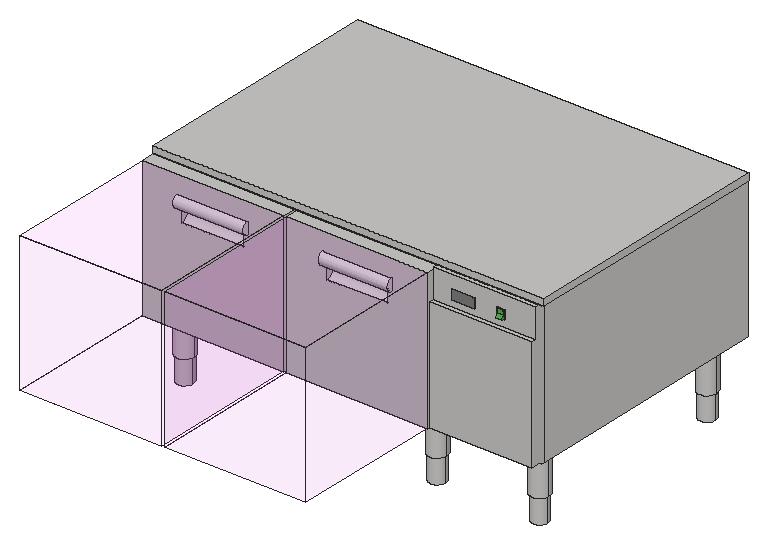
Revit family "QF_ZANUSSI_392602_Z9TTAECOMIN", category Specialty Equipment, Revit 2021 (continued)
Automatic sketch dimensions
  Split face 13 sketch curve to Extrusion 2 = 35 mm
  Split face 13 sketch curve to Split face 13 sketch curve = 4 mm
  Split face 14 sketch curve to Extrusion 2 = 30.5 mm
  Split face 14 sketch curve to Split face 14 sketch curve = 0.02 mm  (x2)
  Split face 14 sketch curve to Split face 14 sketch curve = 31.959 mm
  Split face 14 sketch curve to Extrusion 2 = 23 mm
  Split face 14 sketch curve to Split face 14 sketch curve = 4 mm
  Split face 15 sketch curve to Extrusion 2 = 30.5 mm
  Split face 15 sketch curve to Split face 15 sketch curve = 0.02 mm  (x2)
  Split face 15 sketch curve to Split face 15 sketch curve = 31.959 mm
  Split face 15 sketch curve to Extrusion 2 = 130.896 mm
  Split face 15 sketch curve to Split face 15 sketch curve = 4 mm
  Extrusion 8 sketch curve to plane 7 "FRONT" = 0 mm  (x3)
  Extrusion 8 sketch curve to plane 14 "TOP" = 90.566 mm
  Extrusion 8 sketch curve to Extrusion 8 sketch curve = 8.275 mm
  Extrusion 9 sketch curve to plane 7 "FRONT" = 0 mm
  Extrusion 9 sketch curve to plane 7 "FRONT" = 2.777 mm
  plane 7 "FRONT" to Extrusion 9 sketch curve = 21.853 mm
  Extrusion 9 sketch curve to plane 11 = 4.5 mm
  Extrusion 9 sketch curve to plane 14 "TOP" = 128.294 mm
  Extrusion 9 sketch curve to Extrusion 9 sketch curve = 18.821 mm
  Extrusion 10 sketch curve to plane 7 "FRONT" = 0 mm  (x3)
  Extrusion 10 sketch curve to plane 14 "TOP" = 90.566 mm
  Extrusion 10 sketch curve to Extrusion 10 sketch curve = 8.275 mm
  Extrusion 11 sketch curve to plane 7 "FRONT" = 0 mm
  Extrusion 11 sketch curve to plane 7 "FRONT" = 2.777 mm
  plane 7 "FRONT" to Extrusion 11 sketch curve = 21.853 mm
  Extrusion 11 sketch curve to plane 11 = 4.5 mm
  Extrusion 11 sketch curve to plane 14 "TOP" = 128.294 mm
  Extrusion 11 sketch curve to Extrusion 11 sketch curve = 18.821 mm
  plane 13 to Extrusion 12 sketch curve = 1.587 mm  (x2)
  Extrusion 12 sketch curve to plane 3 "Centro (Sinistra/Destra)" = 160.999 mm
  Extrusion 12 sketch curve to plane 14 "TOP" = 0.8 mm  (x2)
  Extrusion 12 sketch curve to Extrusion 12 sketch curve = 7.999 mm
  plane 12 to Extrusion 12 sketch curve = 51 mm
  Extrusion 13 sketch curve to plane 14 "TOP" = 0.8 mm  (x2)
  plane 12 to Extrusion 13 sketch curve = 51 mm
  Extrusion 13 sketch curve to plane 12 = 72.699 mm
  Extrusion 13 sketch curve to plane 3 "Centro (Sinistra/Destra)" = 29.3 mm
  plane 13 to Extrusion 13 sketch curve = 1.587 mm  (x2)
  Extrusion 13 sketch curve to plane 3 "Centro (Sinistra/Destra)" = 153 mm
  Extrusion 13 sketch curve to Extrusion 13 sketch curve = 7.999 mm
  Extrusion 13 sketch curve to Extrusion 13 sketch curve = 123.7 mm
  plane 9 to Extrusion 13 sketch curve = 68.7 mm
  Extrusion 13 sketch curve to plane 14 "TOP" = 128.294 mm  (x2)
  Extrusion 13 sketch curve to Extrusion 13 sketch curve = 43.294 mm  (x2)
  Split face 16 sketch curve to Extrusion 2 = 30.5 mm
  Split face 16 sketch curve to Split face 16 sketch curve = 0.02 mm  (x2)
  Split face 16 sketch curve to Split face 16 sketch curve = 31.959 mm
  Split face 16 sketch curve to Extrusion 2 = 118.208 mm
  Split face 16 sketch curve to Split face 16 sketch curve = 4 mm
  Split face 17 sketch curve to Extrusion 2 = 30.5 mm
  Split face 17 sketch curve to Split face 17 sketch curve = 0.02 mm  (x2)
  Split face 17 sketch curve to Split face 17 sketch curve = 31.959 mm
  Split face 17 sketch curve to Extrusion 2 = 130.208 mm
  Split face 17 sketch curve to Split face 17 sketch curve = 4 mm
  Split face 18 sketch curve to Extrusion 2 = 30.5 mm
  Split face 18 sketch curve to Split face 18 sketch curve = 0.02 mm  (x2)
  Split face 18 sketch curve to Split face 18 sketch curve = 31.959 mm
  Split face 18 sketch curve to Extrusion 2 = 142.208 mm
  Split face 18 sketch curve to Split face 18 sketch curve = 4 mm
  Split face 19 sketch curve to Extrusion 2 = 30.5 mm
  Split face 19 sketch curve to Split face 19 sketch curve = 0.02 mm  (x2)
  Split face 19 sketch curve to Split face 19 sketch curve = 31.959 mm
  Split face 19 sketch curve to Extrusion 2 = 154.896 mm
  Split face 19 sketch curve to Split face 19 sketch curve = 4 mm
  Split face 20 sketch curve to Extrusion 2 = 30.5 mm
  Split face 20 sketch curve to Split face 20 sketch curve = 0.02 mm  (x2)
  Split face 20 sketch curve to Split face 20 sketch curve = 31.959 mm
  Split face 20 sketch curve to Extrusion 2 = 142.896 mm
  Split face 20 sketch curve to Split face 20 sketch curve = 4 mm
  Split face 21 sketch curve to Extrusion 2 = 30.5 mm
  Split face 21 sketch curve to Split face 21 sketch curve = 0.02 mm  (x2)
  Split face 21 sketch curve to Split face 21 sketch curve = 31.959 mm
  Split face 21 sketch curve to Extrusion 2 = 106.208 mm
  Split face 21 sketch curve to Split face 21 sketch curve = 4 mm
  Split face 22 sketch curve to Extrusion 2 = 30.5 mm
  Split face 22 sketch curve to Split face 22 sketch curve = 0.02 mm  (x2)
  Split face 22 sketch curve to Extrusion 2 = 10.312 mm
  Split face 22 sketch curve to Split face 22 sketch curve = 31.959 mm
  Split face 22 sketch curve to Split face 22 sketch curve = 4 mm
  Split face 23 sketch curve to Extrusion 2 = 30.5 mm
  Split face 23 sketch curve to Split face 23 sketch curve = 0.02 mm  (x2)
  Split face 23 sketch curve to Split face 23 sketch curve = 31.959 mm
  Split face 23 sketch curve to Extrusion 2 = 22.312 mm
  Split face 23 sketch curve to Split face 23 sketch curve = 4 mm
  Split face 24 sketch curve to Extrusion 2 = 30.5 mm
  Split face 24 sketch curve to Split face 24 sketch curve = 0.02 mm  (x2)
  Split face 24 sketch curve to Split face 24 sketch curve = 31.959 mm
  Split face 24 sketch curve to Extrusion 2 = 34.312 mm
  Split face 24 sketch curve to Split face 24 sketch curve = 4 mm
  Split face 25 sketch curve to Extrusion 2 = 30.5 mm
  Split face 25 sketch curve to Split face 25 sketch curve = 0.02 mm  (x2)
  Split face 25 sketch curve to Split face 25 sketch curve = 31.959 mm
  Split face 25 sketch curve to Extrusion 2 = 46.209 mm
  Split face 25 sketch curve to Split face 25 sketch curve = 4 mm
  Split face 26 sketch curve to Extrusion 2 = 30.5 mm
  Split face 26 sketch curve to Split face 26 sketch curve = 0.02 mm  (x2)
  Split face 26 sketch curve to Split face 26 sketch curve = 31.959 mm
  Split face 26 sketch curve to Extrusion 2 = 58.208 mm
  Split face 26 sketch curve to Split face 26 sketch curve = 4 mm
  Split face 27 sketch curve to Extrusion 2 = 30.5 mm
  Split face 27 sketch curve to Split face 27 sketch curve = 0.02 mm  (x2)
  Split face 27 sketch curve to Split face 27 sketch curve = 31.959 mm
  Split face 27 sketch curve to Extrusion 2 = 70.208 mm
  Split face 27 sketch curve to Split face 27 sketch curve = 4 mm
  Split face 28 sketch curve to Extrusion 2 = 30.5 mm
  Split face 28 sketch curve to Split face 28 sketch curve = 0.02 mm  (x2)
  Split face 28 sketch curve to Split face 28 sketch curve = 31.959 mm
  Split face 28 sketch curve to Extrusion 2 = 82.208 mm
  Split face 28 sketch curve to Split face 28 sketch curve = 4 mm
  Split face 29 sketch curve to Extrusion 2 = 30.5 mm
  Split face 29 sketch curve to Split face 29 sketch curve = 0.02 mm  (x2)
  Split face 29 sketch curve to Split face 29 sketch curve = 31.959 mm
  Split face 29 sketch curve to Extrusion 2 = 94.208 mm
  Split face 29 sketch curve to Split face 29 sketch curve = 4 mm
  Split face 30 sketch curve to Extrusion 2 = 85.5 mm
  Split face 30 sketch curve to Split face 30 sketch curve = 0.02 mm  (x2)
  Split face 30 sketch curve to Split face 30 sketch curve = 31.959 mm
  Split face 30 sketch curve to Extrusion 2 = 118.896 mm
  Split face 30 sketch curve to Split face 30 sketch curve = 4 mm
  Split face 31 sketch curve to Extrusion 2 = 85.5 mm
  Split face 31 sketch curve to Split face 31 sketch curve = 0.02 mm  (x2)
  Split face 31 sketch curve to Split face 31 sketch curve = 31.959 mm
  Split face 31 sketch curve to Extrusion 2 = 106.896 mm
  Split face 31 sketch curve to Split face 31 sketch curve = 4 mm
  Split face 32 sketch curve to Extrusion 2 = 85.5 mm
  Split face 32 sketch curve to Split face 32 sketch curve = 0.02 mm  (x2)
  Split face 32 sketch curve to Split face 32 sketch curve = 31.959 mm
  Split face 32 sketch curve to Extrusion 2 = 94.897 mm
  Split face 32 sketch curve to Split face 32 sketch curve = 4 mm
  Split face 33 sketch curve to Extrusion 2 = 85.5 mm
  Split face 33 sketch curve to Split face 33 sketch curve = 0.02 mm  (x2)
  Split face 33 sketch curve to Split face 33 sketch curve = 31.959 mm
  Split face 33 sketch curve to Extrusion 2 = 82.999 mm
  Split face 33 sketch curve to Split face 33 sketch curve = 4 mm
  Split face 34 sketch curve to Extrusion 2 = 85.5 mm
  Split face 34 sketch curve to Split face 34 sketch curve = 0.02 mm  (x2)
  Split face 34 sketch curve to Split face 34 sketch curve = 31.959 mm
  Split face 34 sketch curve to Extrusion 2 = 71 mm
  Split face 34 sketch curve to Split face 34 sketch curve = 4 mm
  Split face 35 sketch curve to Extrusion 2 = 85.5 mm
  Split face 35 sketch curve to Split face 35 sketch curve = 0.02 mm  (x2)
  Split face 35 sketch curve to Split face 35 sketch curve = 31.959 mm
  Split face 35 sketch curve to Extrusion 2 = 59 mm
  Split face 35 sketch curve to Split face 35 sketch curve = 4 mm
  Split face 36 sketch curve to Extrusion 2 = 85.5 mm
  Split face 36 sketch curve to Split face 36 sketch curve = 0.02 mm  (x2)
  Split face 36 sketch curve to Split face 36 sketch curve = 31.959 mm
  Split face 36 sketch curve to Extrusion 2 = 47 mm
  Split face 36 sketch curve to Split face 36 sketch curve = 4 mm
  Split face 37 sketch curve to Extrusion 2 = 31 mm
  Split face 37 sketch curve to Extrusion 2 = 85.5 mm
  Split face 37 sketch curve to Split face 37 sketch curve = 0.02 mm  (x2)
  Split face 37 sketch curve to Split face 37 sketch curve = 31.959 mm
  Split face 37 sketch curve to Split face 37 sketch curve = 4 mm
  Split face 38 sketch curve to Extrusion 2 = 19 mm
  Split face 38 sketch curve to Extrusion 2 = 85.5 mm
  Split face 38 sketch curve to Split face 38 sketch curve = 0.02 mm  (x2)
  Split face 38 sketch curve to Split face 38 sketch curve = 31.959 mm
  Split face 38 sketch curve to Split face 38 sketch curve = 4 mm
  Split face 39 sketch curve to Extrusion 2 = 85.5 mm
  Split face 39 sketch curve to Split face 39 sketch curve = 0.02 mm  (x2)
  Split face 39 sketch curve to Split face 39 sketch curve = 31.959 mm
  Split face 39 sketch curve to Extrusion 2 = 130.896 mm
  Split face 39 sketch curve to Split face 39 sketch curve = 4 mm
  Split face 40 sketch curve to Extrusion 2 = 85.5 mm
  Split face 40 sketch curve to Split face 40 sketch curve = 0.02 mm  (x2)
  Split face 40 sketch curve to Split face 40 sketch curve = 31.959 mm
  Split face 40 sketch curve to Extrusion 2 = 118.208 mm
  Split face 40 sketch curve to Split face 40 sketch curve = 4 mm
  Split face 41 sketch curve to Extrusion 2 = 85.5 mm
  Split face 41 sketch curve to Split face 41 sketch curve = 0.02 mm  (x2)
  Split face 41 sketch curve to Split face 41 sketch curve = 31.959 mm
  Split face 41 sketch curve to Extrusion 2 = 130.208 mm
  Split face 41 sketch curve to Split face 41 sketch curve = 4 mm
  Split face 42 sketch curve to Extrusion 2 = 85.5 mm
  Split face 42 sketch curve to Split face 42 sketch curve = 0.02 mm  (x2)
  Split face 42 sketch curve to Split face 42 sketch curve = 31.959 mm
  Split face 42 sketch curve to Extrusion 2 = 142.208 mm
  Split face 42 sketch curve to Split face 42 sketch curve = 4 mm
  Split face 43 sketch curve to Extrusion 2 = 85.5 mm
  Split face 43 sketch curve to Split face 43 sketch curve = 0.02 mm  (x2)
  Split face 43 sketch curve to Split face 43 sketch curve = 31.959 mm
  Split face 43 sketch curve to Extrusion 2 = 154.896 mm
  Split face 43 sketch curve to Split face 43 sketch curve = 4 mm
  Split face 44 sketch curve to Extrusion 2 = 85.5 mm
  Split face 44 sketch curve to Split face 44 sketch curve = 0.02 mm  (x2)
  Split face 44 sketch curve to Split face 44 sketch curve = 31.959 mm
  Split face 44 sketch curve to Extrusion 2 = 142.896 mm
  Split face 44 sketch curve to Split face 44 sketch curve = 4 mm
  Split face 45 sketch curve to Extrusion 2 = 85.5 mm
  Split face 45 sketch curve to Split face 45 sketch curve = 0.02 mm  (x2)
  Split face 45 sketch curve to Split face 45 sketch curve = 31.959 mm
  Split face 45 sketch curve to Extrusion 2 = 106.208 mm
  Split face 45 sketch curve to Split face 45 sketch curve = 4 mm
  Split face 46 sketch curve to Extrusion 2 = 14.312 mm
  Split face 46 sketch curve to Extrusion 2 = 85.5 mm
  Split face 46 sketch curve to Split face 46 sketch curve = 0.02 mm  (x2)
  Split face 46 sketch curve to Extrusion 2 = 10.312 mm
  Split face 46 sketch curve to Split face 46 sketch curve = 31.959 mm
  Split face 47 sketch curve to Extrusion 2 = 26.312 mm
  Split face 47 sketch curve to Extrusion 2 = 85.5 mm
  Split face 47 sketch curve to Split face 47 sketch curve = 0.02 mm  (x2)
  Split face 47 sketch curve to Split face 47 sketch curve = 31.959 mm
  Split face 47 sketch curve to Split face 47 sketch curve = 4 mm
  Split face 48 sketch curve to Extrusion 2 = 85.5 mm
  Split face 48 sketch curve to Split face 48 sketch curve = 0.02 mm  (x2)
  Split face 48 sketch curve to Split face 48 sketch curve = 31.959 mm
  Split face 48 sketch curve to Extrusion 2 = 34.312 mm
  Split face 48 sketch curve to Split face 48 sketch curve = 4 mm
  Split face 49 sketch curve to Extrusion 2 = 85.5 mm
  Split face 49 sketch curve to Split face 49 sketch curve = 0.02 mm  (x2)
  Split face 49 sketch curve to Split face 49 sketch curve = 31.959 mm
  Split face 49 sketch curve to Extrusion 2 = 46.209 mm
  Split face 49 sketch curve to Split face 49 sketch curve = 4 mm
  Split face 50 sketch curve to Extrusion 2 = 85.5 mm
  Split face 50 sketch curve to Split face 50 sketch curve = 0.02 mm  (x2)
  Split face 50 sketch curve to Split face 50 sketch curve = 31.959 mm
  Split face 50 sketch curve to Extrusion 2 = 58.208 mm
  Split face 50 sketch curve to Split face 50 sketch curve = 4 mm
  Split face 51 sketch curve to Extrusion 2 = 85.5 mm
  Split face 51 sketch curve to Split face 51 sketch curve = 0.02 mm  (x2)
  Split face 51 sketch curve to Split face 51 sketch curve = 31.959 mm
  Split face 51 sketch curve to Extrusion 2 = 70.208 mm
  Split face 51 sketch curve to Split face 51 sketch curve = 4 mm
  Split face 52 sketch curve to Extrusion 2 = 85.5 mm
  Split face 52 sketch curve to Split face 52 sketch curve = 0.02 mm  (x2)
  Split face 52 sketch curve to Split face 52 sketch curve = 31.959 mm
  Split face 52 sketch curve to Extrusion 2 = 82.208 mm
  Split face 52 sketch curve to Split face 52 sketch curve = 4 mm
  Split face 53 sketch curve to Extrusion 2 = 85.5 mm
  Split face 53 sketch curve to Split face 53 sketch curve = 0.02 mm  (x2)
  Split face 53 sketch curve to Split face 53 sketch curve = 31.959 mm
  Split face 53 sketch curve to Extrusion 2 = 94.208 mm
  Split face 53 sketch curve to Split face 53 sketch curve = 4 mm
  Split face 54 sketch curve to Extrusion 2 = 140.5 mm
  Split face 54 sketch curve to Split face 54 sketch curve = 0.02 mm  (x2)
  Split face 54 sketch curve to Split face 54 sketch curve = 31.959 mm
  Split face 54 sketch curve to Extrusion 2 = 118.896 mm
  Split face 54 sketch curve to Split face 54 sketch curve = 4 mm
  Split face 55 sketch curve to Extrusion 2 = 140.5 mm
  Split face 55 sketch curve to Split face 55 sketch curve = 0.02 mm  (x2)
  Split face 55 sketch curve to Split face 55 sketch curve = 31.959 mm
  Split face 55 sketch curve to Extrusion 2 = 106.896 mm
  Split face 55 sketch curve to Split face 55 sketch curve = 4 mm
  Split face 56 sketch curve to Extrusion 2 = 140.5 mm
  Split face 56 sketch curve to Split face 56 sketch curve = 0.02 mm  (x2)
  Split face 56 sketch curve to Split face 56 sketch curve = 31.959 mm
  Split face 56 sketch curve to Extrusion 2 = 94.897 mm
  Split face 56 sketch curve to Split face 56 sketch curve = 4 mm
  Split face 57 sketch curve to Extrusion 2 = 140.5 mm
  Split face 57 sketch curve to Split face 57 sketch curve = 0.02 mm  (x2)
  Split face 57 sketch curve to Split face 57 sketch curve = 31.959 mm
  Split face 57 sketch curve to Extrusion 2 = 82.999 mm
  Split face 57 sketch curve to Split face 57 sketch curve = 4 mm
  Split face 58 sketch curve to Extrusion 2 = 140.5 mm
  Split face 58 sketch curve to Split face 58 sketch curve = 0.02 mm  (x2)
  Split face 58 sketch curve to Split face 58 sketch curve = 31.959 mm
  Split face 58 sketch curve to Extrusion 2 = 71 mm
  Split face 58 sketch curve to Split face 58 sketch curve = 4 mm
  Split face 59 sketch curve to Extrusion 2 = 55 mm
  Split face 59 sketch curve to Extrusion 2 = 140.5 mm
  Split face 59 sketch curve to Split face 59 sketch curve = 0.02 mm  (x2)
  Split face 59 sketch curve to Split face 59 sketch curve = 31.959 mm
  Split face 59 sketch curve to Split face 59 sketch curve = 4 mm
  Split face 60 sketch curve to Extrusion 2 = 43 mm
  Split face 60 sketch curve to Extrusion 2 = 140.5 mm
  Split face 60 sketch curve to Split face 60 sketch curve = 0.02 mm  (x2)
  Split face 60 sketch curve to Split face 60 sketch curve = 31.959 mm
  Split face 60 sketch curve to Split face 60 sketch curve = 4 mm
  Split face 61 sketch curve to Extrusion 2 = 31 mm
  Split face 61 sketch curve to Extrusion 2 = 140.5 mm
  Split face 61 sketch curve to Split face 61 sketch curve = 0.02 mm  (x2)
  Split face 61 sketch curve to Split face 61 sketch curve = 31.959 mm
  Split face 61 sketch curve to Split face 61 sketch curve = 4 mm
  Split face 62 sketch curve to Extrusion 2 = 19 mm
  Split face 62 sketch curve to Extrusion 2 = 140.5 mm
  Split face 62 sketch curve to Split face 62 sketch curve = 0.02 mm  (x2)
  Split face 62 sketch curve to Split face 62 sketch curve = 31.959 mm
  Split face 62 sketch curve to Split face 62 sketch curve = 4 mm
  Split face 63 sketch curve to Extrusion 2 = 140.5 mm
  Split face 63 sketch curve to Split face 63 sketch curve = 0.02 mm  (x2)
  Split face 63 sketch curve to Split face 63 sketch curve = 31.959 mm
  Split face 63 sketch curve to Extrusion 2 = 130.896 mm
  Split face 63 sketch curve to Split face 63 sketch curve = 4 mm
  Split face 64 sketch curve to Extrusion 2 = 140.5 mm
  Split face 64 sketch curve to Split face 64 sketch curve = 0.02 mm  (x2)
  Split face 64 sketch curve to Split face 64 sketch curve = 31.959 mm
  Split face 64 sketch curve to Extrusion 2 = 118.208 mm
  Split face 64 sketch curve to Split face 64 sketch curve = 4 mm
  Split face 65 sketch curve to Extrusion 2 = 140.5 mm
  Split face 65 sketch curve to Split face 65 sketch curve = 0.02 mm  (x2)
  Split face 65 sketch curve to Split face 65 sketch curve = 31.959 mm
  Split face 65 sketch curve to Extrusion 2 = 130.208 mm
  Split face 65 sketch curve to Split face 65 sketch curve = 4 mm
  Split face 66 sketch curve to Extrusion 2 = 140.5 mm
  Split face 66 sketch curve to Split face 66 sketch curve = 0.02 mm  (x2)
  Split face 66 sketch curve to Split face 66 sketch curve = 31.959 mm
  Split face 66 sketch curve to Extrusion 2 = 142.208 mm
  Split face 66 sketch curve to Split face 66 sketch curve = 4 mm
  Split face 67 sketch curve to Extrusion 2 = 140.5 mm
  Split face 67 sketch curve to Split face 67 sketch curve = 0.02 mm  (x2)
  Split face 67 sketch curve to Split face 67 sketch curve = 31.959 mm
  Split face 67 sketch curve to Extrusion 2 = 154.896 mm
  Split face 67 sketch curve to Split face 67 sketch curve = 4 mm
  Split face 68 sketch curve to Extrusion 2 = 140.5 mm
  Split face 68 sketch curve to Split face 68 sketch curve = 0.02 mm  (x2)
  Split face 68 sketch curve to Split face 68 sketch curve = 31.959 mm
  Split face 68 sketch curve to Extrusion 2 = 142.896 mm
  Split face 68 sketch curve to Split face 68 sketch curve = 4 mm
  Split face 69 sketch curve to Extrusion 2 = 140.5 mm
  Split face 69 sketch curve to Split face 69 sketch curve = 0.02 mm  (x2)
  Split face 69 sketch curve to Split face 69 sketch curve = 31.959 mm
  Split face 69 sketch curve to Extrusion 2 = 106.208 mm
  Split face 69 sketch curve to Split face 69 sketch curve = 4 mm
  Split face 70 sketch curve to Extrusion 2 = 14.312 mm
  Split face 70 sketch curve to Extrusion 2 = 140.5 mm
  Split face 70 sketch curve to Split face 70 sketch curve = 0.02 mm  (x2)
  Split face 70 sketch curve to Extrusion 2 = 10.312 mm
  Split face 70 sketch curve to Split face 70 sketch curve = 31.959 mm
  Split face 71 sketch curve to Extrusion 2 = 26.312 mm
  Split face 71 sketch curve to Extrusion 2 = 140.5 mm
  Split face 71 sketch curve to Split face 71 sketch curve = 0.02 mm  (x2)
  Split face 71 sketch curve to Split face 71 sketch curve = 31.959 mm
  Split face 71 sketch curve to Split face 71 sketch curve = 4 mm
  Split face 72 sketch curve to Extrusion 2 = 38.311 mm
  Split face 72 sketch curve to Extrusion 2 = 140.5 mm
  Split face 72 sketch curve to Split face 72 sketch curve = 0.02 mm  (x2)
  Split face 72 sketch curve to Split face 72 sketch curve = 31.959 mm
  Split face 72 sketch curve to Split face 72 sketch curve = 4 mm
  Split face 73 sketch curve to Extrusion 2 = 50.209 mm
  Split face 73 sketch curve to Extrusion 2 = 140.5 mm
  Split face 73 sketch curve to Split face 73 sketch curve = 0.02 mm  (x2)
  Split face 73 sketch curve to Split face 73 sketch curve = 31.959 mm
  Split face 73 sketch curve to Split face 73 sketch curve = 4 mm
  Split face 74 sketch curve to Extrusion 2 = 62.208 mm
  Split face 74 sketch curve to Extrusion 2 = 140.5 mm
  Split face 74 sketch curve to Split face 74 sketch curve = 0.02 mm  (x2)
  Split face 74 sketch curve to Split face 74 sketch curve = 31.959 mm
  Split face 74 sketch curve to Split face 74 sketch curve = 4 mm
  Split face 75 sketch curve to Extrusion 2 = 140.5 mm
  Split face 75 sketch curve to Split face 75 sketch curve = 0.02 mm  (x2)
  Split face 75 sketch curve to Split face 75 sketch curve = 31.959 mm
  Split face 75 sketch curve to Extrusion 2 = 70.208 mm
  Split face 75 sketch curve to Split face 75 sketch curve = 4 mm
  Split face 76 sketch curve to Extrusion 2 = 140.5 mm
  Split face 76 sketch curve to Split face 76 sketch curve = 0.02 mm  (x2)
  Split face 76 sketch curve to Split face 76 sketch curve = 31.959 mm
  Split face 76 sketch curve to Extrusion 2 = 82.208 mm
  Split face 76 sketch curve to Split face 76 sketch curve = 4 mm
  Split face 77 sketch curve to Extrusion 2 = 140.5 mm
  Split face 77 sketch curve to Split face 77 sketch curve = 0.02 mm  (x2)
  Split face 77 sketch curve to Split face 77 sketch curve = 31.959 mm
  Split face 77 sketch curve to Extrusion 2 = 94.208 mm
  Split face 77 sketch curve to Split face 77 sketch curve = 4 mm
  Split face 78 sketch curve to Extrusion 2 = 117.5 mm
  Split face 78 sketch curve to Split face 78 sketch curve = 0.02 mm  (x2)
  Split face 78 sketch curve to Split face 78 sketch curve = 31.959 mm
  Split face 78 sketch curve to Extrusion 2 = 118.896 mm
  Split face 78 sketch curve to Split face 78 sketch curve = 4 mm
  Split face 79 sketch curve to Extrusion 2 = 117.5 mm
  Split face 79 sketch curve to Split face 79 sketch curve = 0.02 mm  (x2)
  Split face 79 sketch curve to Split face 79 sketch curve = 31.959 mm
  Split face 79 sketch curve to Extrusion 2 = 106.896 mm
  Split face 79 sketch curve to Split face 79 sketch curve = 4 mm
  Split face 80 sketch curve to Extrusion 2 = 117.5 mm
  Split face 80 sketch curve to Split face 80 sketch curve = 0.02 mm  (x2)
  Split face 80 sketch curve to Split face 80 sketch curve = 31.959 mm
  Split face 80 sketch curve to Extrusion 2 = 94.897 mm
  Split face 80 sketch curve to Split face 80 sketch curve = 4 mm
  Split face 81 sketch curve to Extrusion 2 = 117.5 mm
  Split face 81 sketch curve to Split face 81 sketch curve = 0.02 mm  (x2)
  Split face 81 sketch curve to Split face 81 sketch curve = 31.959 mm
  Split face 81 sketch curve to Extrusion 2 = 82.999 mm
  Split face 81 sketch curve to Split face 81 sketch curve = 4 mm
  Split face 82 sketch curve to Extrusion 2 = 117.5 mm
  Split face 82 sketch curve to Split face 82 sketch curve = 0.02 mm  (x2)
  Split face 82 sketch curve to Split face 82 sketch curve = 31.959 mm
  Split face 82 sketch curve to Extrusion 2 = 71 mm
  Split face 82 sketch curve to Split face 82 sketch curve = 4 mm
  Split face 83 sketch curve to Extrusion 2 = 55 mm
  Split face 83 sketch curve to Extrusion 2 = 117.5 mm
  Split face 83 sketch curve to Split face 83 sketch curve = 0.02 mm  (x2)
  Split face 83 sketch curve to Split face 83 sketch curve = 31.959 mm
  Split face 83 sketch curve to Split face 83 sketch curve = 4 mm
  Split face 84 sketch curve to Extrusion 2 = 43 mm
  Split face 84 sketch curve to Extrusion 2 = 117.5 mm
  Split face 84 sketch curve to Split face 84 sketch curve = 0.02 mm  (x2)
  Split face 84 sketch curve to Split face 84 sketch curve = 31.959 mm
  Split face 84 sketch curve to Split face 84 sketch curve = 4 mm
  Split face 85 sketch curve to Extrusion 2 = 31 mm
  Split face 85 sketch curve to Extrusion 2 = 117.5 mm
  Split face 85 sketch curve to Split face 85 sketch curve = 0.02 mm  (x2)
  Split face 85 sketch curve to Split face 85 sketch curve = 31.959 mm
  Split face 85 sketch curve to Split face 85 sketch curve = 4 mm
  Split face 86 sketch curve to Extrusion 2 = 19 mm
  Split face 86 sketch curve to Extrusion 2 = 117.5 mm
  Split face 86 sketch curve to Split face 86 sketch curve = 0.02 mm  (x2)
  Split face 86 sketch curve to Split face 86 sketch curve = 31.959 mm
  Split face 86 sketch curve to Split face 86 sketch curve = 4 mm
  Split face 87 sketch curve to Extrusion 2 = 117.5 mm
  Split face 87 sketch curve to Split face 87 sketch curve = 0.02 mm  (x2)
  Split face 87 sketch curve to Split face 87 sketch curve = 31.959 mm
  Split face 87 sketch curve to Extrusion 2 = 130.896 mm
  Split face 87 sketch curve to Split face 87 sketch curve = 4 mm
  Split face 88 sketch curve to Extrusion 2 = 117.5 mm
  Split face 88 sketch curve to Split face 88 sketch curve = 0.02 mm  (x2)
  Split face 88 sketch curve to Split face 88 sketch curve = 31.959 mm
  Split face 88 sketch curve to Extrusion 2 = 118.208 mm
  Split face 88 sketch curve to Split face 88 sketch curve = 4 mm
  Split face 89 sketch curve to Extrusion 2 = 117.5 mm
  Split face 89 sketch curve to Split face 89 sketch curve = 0.02 mm  (x2)
  Split face 89 sketch curve to Split face 89 sketch curve = 31.959 mm
  Split face 89 sketch curve to Extrusion 2 = 130.208 mm
  Split face 89 sketch curve to Split face 89 sketch curve = 4 mm
  Split face 90 sketch curve to Extrusion 2 = 117.5 mm
  Split face 90 sketch curve to Split face 90 sketch curve = 0.02 mm  (x2)
  Split face 90 sketch curve to Split face 90 sketch curve = 31.959 mm
  Split face 90 sketch curve to Extrusion 2 = 142.208 mm
  Split face 90 sketch curve to Split face 90 sketch curve = 4 mm
  Split face 91 sketch curve to Extrusion 2 = 117.5 mm
  Split face 91 sketch curve to Split face 91 sketch curve = 0.02 mm  (x2)
  Split face 91 sketch curve to Split face 91 sketch curve = 31.959 mm
  Split face 91 sketch curve to Extrusion 2 = 154.896 mm
  Split face 91 sketch curve to Split face 91 sketch curve = 4 mm
  Split face 92 sketch curve to Extrusion 2 = 117.5 mm
  Split face 92 sketch curve to Split face 92 sketch curve = 0.02 mm  (x2)
  Split face 92 sketch curve to Split face 92 sketch curve = 31.959 mm
  Split face 92 sketch curve to Extrusion 2 = 142.896 mm
  Split face 92 sketch curve to Split face 92 sketch curve = 4 mm
  Split face 93 sketch curve to Extrusion 2 = 117.5 mm
  Split face 93 sketch curve to Split face 93 sketch curve = 0.02 mm  (x2)
  Split face 93 sketch curve to Split face 93 sketch curve = 31.959 mm
  Split face 93 sketch curve to Extrusion 2 = 106.208 mm
  Split face 93 sketch curve to Split face 93 sketch curve = 4 mm
  Split face 94 sketch curve to Extrusion 2 = 14.312 mm
  Split face 94 sketch curve to Extrusion 2 = 117.5 mm
  Split face 94 sketch curve to Split face 94 sketch curve = 0.02 mm  (x2)
  Split face 94 sketch curve to Extrusion 2 = 10.312 mm
  Split face 94 sketch curve to Split face 94 sketch curve = 31.959 mm
  Split face 95 sketch curve to Extrusion 2 = 26.312 mm
  Split face 95 sketch curve to Extrusion 2 = 117.5 mm
  Split face 95 sketch curve to Split face 95 sketch curve = 0.02 mm  (x2)
  Split face 95 sketch curve to Split face 95 sketch curve = 31.959 mm
  Split face 95 sketch curve to Split face 95 sketch curve = 4 mm
  Split face 96 sketch curve to Extrusion 2 = 38.311 mm
  Split face 96 sketch curve to Extrusion 2 = 117.5 mm
  Split face 96 sketch curve to Split face 96 sketch curve = 0.02 mm  (x2)
  Split face 96 sketch curve to Split face 96 sketch curve = 31.959 mm
  Split face 96 sketch curve to Split face 96 sketch curve = 4 mm
  Split face 97 sketch curve to Extrusion 2 = 50.209 mm
  Split face 97 sketch curve to Extrusion 2 = 117.5 mm
  Split face 97 sketch curve to Split face 97 sketch curve = 0.02 mm  (x2)
  Split face 97 sketch curve to Split face 97 sketch curve = 31.959 mm
  Split face 97 sketch curve to Split face 97 sketch curve = 4 mm
  Split face 98 sketch curve to Extrusion 2 = 62.208 mm
  Split face 98 sketch curve to Extrusion 2 = 117.5 mm
  Split face 98 sketch curve to Split face 98 sketch curve = 0.02 mm  (x2)
  Split face 98 sketch curve to Split face 98 sketch curve = 31.959 mm
  Split face 98 sketch curve to Split face 98 sketch curve = 4 mm
  Split face 99 sketch curve to Extrusion 2 = 117.5 mm
  Split face 99 sketch curve to Split face 99 sketch curve = 0.02 mm  (x2)
  Split face 99 sketch curve to Split face 99 sketch curve = 31.959 mm
  Split face 99 sketch curve to Extrusion 2 = 70.208 mm
  Split face 99 sketch curve to Split face 99 sketch curve = 4 mm
  Split face 100 sketch curve to Extrusion 2 = 117.5 mm
  Split face 100 sketch curve to Split face 100 sketch curve = 0.02 mm  (x2)
  Split face 100 sketch curve to Split face 100 sketch curve = 31.959 mm
  Split face 100 sketch curve to Extrusion 2 = 82.208 mm
  Split face 100 sketch curve to Split face 100 sketch curve = 4 mm
  Split face 101 sketch curve to Extrusion 2 = 117.5 mm
  Split face 101 sketch curve to Split face 101 sketch curve = 0.02 mm  (x2)
  Split face 101 sketch curve to Split face 101 sketch curve = 31.959 mm
  Split face 101 sketch curve to Extrusion 2 = 94.208 mm
  Split face 101 sketch curve to Split face 101 sketch curve = 4 mm
  Split face 102 sketch curve to Extrusion 2 = 62.5 mm
  Split face 102 sketch curve to Split face 102 sketch curve = 0.02 mm  (x2)
  Split face 102 sketch curve to Split face 102 sketch curve = 31.959 mm
  Split face 102 sketch curve to Extrusion 2 = 118.896 mm
  Split face 102 sketch curve to Split face 102 sketch curve = 4 mm
  Split face 103 sketch curve to Extrusion 2 = 62.5 mm
  Split face 103 sketch curve to Split face 103 sketch curve = 0.02 mm  (x2)
  Split face 103 sketch curve to Split face 103 sketch curve = 31.959 mm
  Split face 103 sketch curve to Extrusion 2 = 106.896 mm
  Split face 103 sketch curve to Split face 103 sketch curve = 4 mm
  Split face 104 sketch curve to Extrusion 2 = 62.5 mm
  Split face 104 sketch curve to Split face 104 sketch curve = 0.02 mm  (x2)
  Split face 104 sketch curve to Split face 104 sketch curve = 31.959 mm
  Split face 104 sketch curve to Extrusion 2 = 94.897 mm
  Split face 104 sketch curve to Split face 104 sketch curve = 4 mm
  Split face 105 sketch curve to Extrusion 2 = 62.5 mm
  Split face 105 sketch curve to Split face 105 sketch curve = 0.02 mm  (x2)
  Split face 105 sketch curve to Split face 105 sketch curve = 31.959 mm
  Split face 105 sketch curve to Extrusion 2 = 82.999 mm
  Split face 105 sketch curve to Split face 105 sketch curve = 4 mm
  Split face 106 sketch curve to Extrusion 2 = 62.5 mm
  Split face 106 sketch curve to Split face 106 sketch curve = 0.02 mm  (x2)
  Split face 106 sketch curve to Split face 106 sketch curve = 31.959 mm
  Split face 106 sketch curve to Extrusion 2 = 71 mm
  Split face 106 sketch curve to Split face 106 sketch curve = 4 mm
  Split face 107 sketch curve to Extrusion 2 = 62.5 mm
  Split face 107 sketch curve to Split face 107 sketch curve = 0.02 mm  (x2)
  Split face 107 sketch curve to Split face 107 sketch curve = 31.959 mm
  Split face 107 sketch curve to Extrusion 2 = 59 mm
  Split face 107 sketch curve to Split face 107 sketch curve = 4 mm
  Split face 108 sketch curve to Extrusion 2 = 62.5 mm
  Split face 108 sketch curve to Split face 108 sketch curve = 0.02 mm  (x2)
  Split face 108 sketch curve to Split face 108 sketch curve = 31.959 mm
  Split face 108 sketch curve to Extrusion 2 = 47 mm
  Split face 108 sketch curve to Split face 108 sketch curve = 4 mm
  Split face 109 sketch curve to Extrusion 2 = 31 mm
  Split face 109 sketch curve to Extrusion 2 = 62.5 mm
  Split face 109 sketch curve to Split face 109 sketch curve = 0.02 mm  (x2)
  Split face 109 sketch curve to Split face 109 sketch curve = 31.959 mm
  Split face 109 sketch curve to Split face 109 sketch curve = 4 mm
  Split face 110 sketch curve to Extrusion 2 = 19 mm
  Split face 110 sketch curve to Extrusion 2 = 62.5 mm
  Split face 110 sketch curve to Split face 110 sketch curve = 0.02 mm  (x2)
  Split face 110 sketch curve to Split face 110 sketch curve = 31.959 mm
  Split face 110 sketch curve to Split face 110 sketch curve = 4 mm
  Split face 111 sketch curve to Extrusion 2 = 62.5 mm
  Split face 111 sketch curve to Split face 111 sketch curve = 0.02 mm  (x2)
  Split face 111 sketch curve to Split face 111 sketch curve = 31.959 mm
  Split face 111 sketch curve to Extrusion 2 = 130.896 mm
  Split face 111 sketch curve to Split face 111 sketch curve = 4 mm
  Split face 112 sketch curve to Extrusion 2 = 62.5 mm
  Split face 112 sketch curve to Split face 112 sketch curve = 0.02 mm  (x2)
  Split face 112 sketch curve to Split face 112 sketch curve = 31.959 mm
  Split face 112 sketch curve to Extrusion 2 = 118.208 mm
  Split face 112 sketch curve to Split face 112 sketch curve = 4 mm
  Split face 113 sketch curve to Extrusion 2 = 62.5 mm
  Split face 113 sketch curve to Split face 113 sketch curve = 0.02 mm  (x2)
  Split face 113 sketch curve to Split face 113 sketch curve = 31.959 mm
  Split face 113 sketch curve to Extrusion 2 = 130.208 mm
  Split face 113 sketch curve to Split face 113 sketch curve = 4 mm
  Split face 114 sketch curve to Extrusion 2 = 62.5 mm
  Split face 114 sketch curve to Split face 114 sketch curve = 0.02 mm  (x2)
  Split face 114 sketch curve to Split face 114 sketch curve = 31.959 mm
  Split face 114 sketch curve to Extrusion 2 = 142.208 mm
  Split face 114 sketch curve to Split face 114 sketch curve = 4 mm
  Split face 115 sketch curve to Extrusion 2 = 62.5 mm
  Split face 115 sketch curve to Split face 115 sketch curve = 0.02 mm  (x2)
  Split face 115 sketch curve to Split face 115 sketch curve = 31.959 mm
  Split face 115 sketch curve to Extrusion 2 = 154.896 mm
  Split face 115 sketch curve to Split face 115 sketch curve = 4 mm
  Split face 116 sketch curve to Extrusion 2 = 62.5 mm
  Split face 116 sketch curve to Split face 116 sketch curve = 0.02 mm  (x2)
  Split face 116 sketch curve to Split face 116 sketch curve = 31.959 mm
  Split face 116 sketch curve to Extrusion 2 = 142.896 mm
  Split face 116 sketch curve to Split face 116 sketch curve = 4 mm
  Split face 117 sketch curve to Extrusion 2 = 62.5 mm
  Split face 117 sketch curve to Split face 117 sketch curve = 0.02 mm  (x2)
  Split face 117 sketch curve to Split face 117 sketch curve = 31.959 mm
  Split face 117 sketch curve to Extrusion 2 = 106.208 mm
  Split face 117 sketch curve to Split face 117 sketch curve = 4 mm
  Split face 118 sketch curve to Extrusion 2 = 14.312 mm
  Split face 118 sketch curve to Extrusion 2 = 62.5 mm
  Split face 118 sketch curve to Split face 118 sketch curve = 0.02 mm  (x2)
  Split face 118 sketch curve to Extrusion 2 = 10.312 mm
  Split face 118 sketch curve to Split face 118 sketch curve = 31.959 mm
  Split face 119 sketch curve to Extrusion 2 = 26.312 mm
  Split face 119 sketch curve to Extrusion 2 = 62.5 mm
  Split face 119 sketch curve to Split face 119 sketch curve = 0.02 mm  (x2)
  Split face 119 sketch curve to Split face 119 sketch curve = 31.959 mm
  Split face 119 sketch curve to Split face 119 sketch curve = 4 mm
  Split face 120 sketch curve to Extrusion 2 = 38.311 mm
  Split face 120 sketch curve to Extrusion 2 = 62.5 mm
  Split face 120 sketch curve to Split face 120 sketch curve = 0.02 mm  (x2)
  Split face 120 sketch curve to Split face 120 sketch curve = 31.959 mm
  Split face 120 sketch curve to Split face 120 sketch curve = 4 mm
  Split face 121 sketch curve to Extrusion 2 = 62.5 mm
  Split face 121 sketch curve to Split face 121 sketch curve = 0.02 mm  (x2)
  Split face 121 sketch curve to Split face 121 sketch curve = 31.959 mm
  Split face 121 sketch curve to Extrusion 2 = 46.209 mm
  Split face 121 sketch curve to Split face 121 sketch curve = 4 mm
  Split face 122 sketch curve to Extrusion 2 = 62.5 mm
  Split face 122 sketch curve to Split face 122 sketch curve = 0.02 mm  (x2)
  Split face 122 sketch curve to Split face 122 sketch curve = 31.959 mm
  Split face 122 sketch curve to Extrusion 2 = 58.208 mm
  Split face 122 sketch curve to Split face 122 sketch curve = 4 mm
  Split face 123 sketch curve to Extrusion 2 = 62.5 mm
  Split face 123 sketch curve to Split face 123 sketch curve = 0.02 mm  (x2)
  Split face 123 sketch curve to Split face 123 sketch curve = 31.959 mm
  Split face 123 sketch curve to Extrusion 2 = 70.208 mm
  Split face 123 sketch curve to Split face 123 sketch curve = 4 mm
  Split face 124 sketch curve to Extrusion 2 = 62.5 mm
  Split face 124 sketch curve to Split face 124 sketch curve = 0.02 mm  (x2)
  Split face 124 sketch curve to Split face 124 sketch curve = 31.959 mm
  Split face 124 sketch curve to Extrusion 2 = 82.208 mm
  Split face 124 sketch curve to Split face 124 sketch curve = 4 mm
  Split face 125 sketch curve to Extrusion 2 = 62.5 mm
  Split face 125 sketch curve to Split face 125 sketch curve = 0.02 mm  (x2)
  Split face 125 sketch curve to Split face 125 sketch curve = 31.959 mm
  Split face 125 sketch curve to Extrusion 2 = 94.208 mm
  Split face 125 sketch curve to Split face 125 sketch curve = 4 mm
  curve 38 to plane 7 "FRONT" = 0 mm
  plane 9 to curve 38 = 56.5 mm
  curve 38 to curve 38 = 17.78 mm
  curve 7 to plane 11 = 0 mm
  curve 6 to plane 7 "FRONT" = 0 mm
  curve 25 to plane 7 "FRONT" = 0 mm
  curve 36 to plane 8 = 0 mm
  curve 21 to plane 7 "FRONT" = 0 mm
  curve 20 to plane 7 "FRONT" = 0 mm
  curve 24 to plane 7 "FRONT" = 0 mm
  curve 34 to plane 8 = 0 mm
  curve 22 to plane 7 "FRONT" = 0 mm
  curve 2 to plane 11 = 0 mm
  curve 12 to curve 9 = 2 mm
  plane 7 "FRONT" to curve 10 = 7.415 mm
  curve 9 to curve 10 = 18 mm
  curve 11 to curve 12 = 2 mm
  plane 7 "FRONT" to curve 13 = 14.8 mm
  curve 12 to curve 13 = 70 mm
  curve 13 to curve 13 = 70 mm
  plane 12 to curve 6 = 56 mm
  curve 7 to curve 16 = 5 mm
  curve 29 to plane 7 "FRONT" = 17.78 mm
  curve 29 to plane 12 = 60.5 mm
  curve 20 to plane 3 "Centro (Sinistra/Destra)" = 41.5 mm
  curve 20 to curve 18 = 111.5 mm
  curve 18 to curve 24 = 7.999 mm
  curve 22 to plane 7 "FRONT" = 17.78 mm
  curve 19 to curve 22 = 111.501 mm
  curve 12 to curve 10 = 7.385 mm
  curve 8 to curve 6 = 0 mm
  curve 14 to curve 16 = 5 mm
  curve 15 to curve 14 = 0 mm
  plane 9 to curve 28 = 56.5 mm
  curve 19 to plane 11 = 4.499 mm
  curve 14 to plane 11 = 5.442 mm
  curve 14 to curve 15 = 11.321 mm
  curve 30 to curve 13 = 1.6 mm
  curve 27 to curve 12 = 1.6 mm
  curve 31 to curve 13 = 1.6 mm
  curve 15 to curve 8 = 11.336 mm
  curve 26 to curve 12 = 1.6 mm
  curve 12 to curve 11 = 0 mm
  curve 9 to curve 12 = 0 mm
  curve 1 to plane 6 "BACK" = 0 mm
  Extrusion 7 sketch curve to plane 11 = 0 mm
  Extrusion 7 sketch curve to plane 6 "BACK" = 0 mm
  Extrusion 7 sketch curve to plane 14 "TOP" = 0 mm
  Extrusion 7 sketch curve to Extrusion 7 sketch curve = 20 mm
  curve 27 to plane 10 = 41.1 mm
  curve 17 to plane 11 = 4.499 mm
  plane 10 to Extrusion 1 sketch curve = 55 mm
  Extrusion 1 sketch curve to plane 9 = 55 mm
  plane 10 to curve 5 = 55 mm
  curve 32 to plane 9 = 51 mm
  curve 3 to plane 9 = 55 mm
  curve 8 to curve 5 = 0 mm
  curve 15 to curve 8 = 0 mm
  curve 14 to curve 2 = 0 mm
  Extrusion 12 sketch curve to plane 9 = 51 mm
  Extrusion 13 sketch curve to plane 9 = 51 mm
  radius of Extrusion 6 sketch curve = 12 mm
Nested families
  nested 1: "Foot_Ø50_H200" at (-544, 326.95, 0), type "Foot_Ø50_H200"
  nested 2: "Foot_Ø50_H200" at (-544, -315.05, 0), type "Foot_Ø50_H200"
  nested 3: "Foot_Ø50_H200" at (230, -315.05, 0), type "Foot_Ø50_H200"
  nested 4: "Foot_Ø50_H200" at (230, 326.95, 0), type "Foot_Ø50_H200"
  nested 5: "Foot_Ø50_H200" at (544, 326.95, 0), type "Foot_Ø50_H200"
  nested 6: "Foot_Ø50_H200" at (544, -315.05, 0), type "Foot_Ø50_H200"
Connectors
  electrical at (559, 224.95, 190), driven by "Volts"
    settings: on Extrusion 6, index 2, voltage 220 V, apparent load 0 VA, apparent load phase1 0 VA, apparent load phase2 0 VA, apparent load phase3 0 VA, power factor 1, load classification "Altro", number of poles 1, system type 30, power factor state 1, is connector primary yes, connector utility no, sub classification motor no, connector description "Electrical Connection"
Definition of nested family "Foot_Ø50_H200"
  Parameters
    Default Elevation = 0 mm
  Reference planes
    plane 1 "Centro (Fronte/Retro)": y = 0
    plane 2: z = 0
    plane 3 "Centro (Sinistra/Destra)": x = 0
    plane 4: z = 200
  Forms (mm)
    Revolve 1, solid
      sketch origin (255.05, 0, 608.09) x (0, 0, 1) y (-1, 0, 0)
        loop
          line (-608.09, 255.05) -> (-608.09, 230.05) -> (-533.09, 230.05) -> (-533.09, 226.05) -> (-408.09, 226.05) -> (-408.09, 255.05) -> (-608.09, 255.05)
        axis (-608.09, 255.05) -> (-408.09, 255.05)
      angle from 0 to 360
  Dimensions and locks
    locked: Revolve 1 sketch curve to Revolve 1 sketch curve at 125
    aligned and locked: level to plane 2
    aligned and locked: plane 4 to Revolve 1 sketch curve
    aligned and locked: Revolve 1 sketch curve to level
    aligned and locked: plane 3 "Centro (Sinistra/Destra)" to Revolve 1 sketch curve
